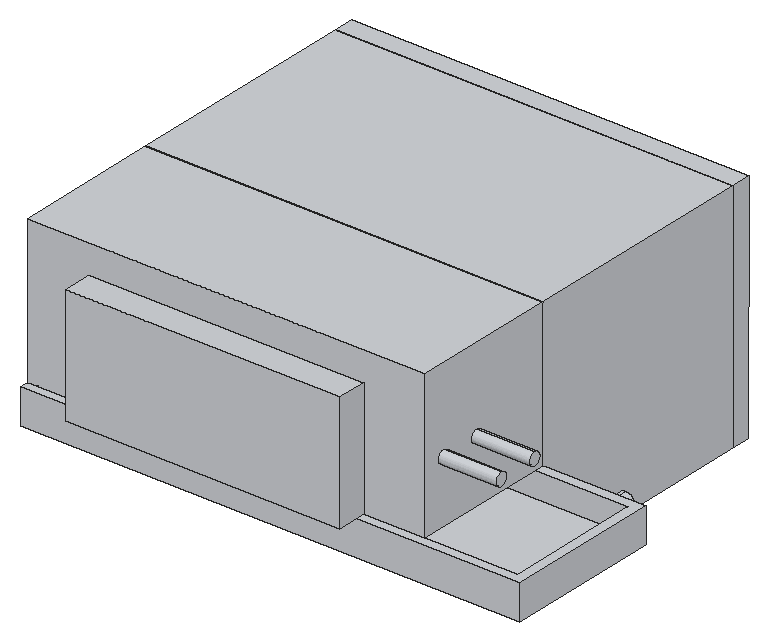
Revit family "ae48dff25f2c4b21891e32956955b255", category Mechanical Equipment, Revit 2021
Family settings
  Round Connector Dimension = Use Radius
  Part Type = Normal
  OmniClass Number = 23.75.70.17.27
  OmniClass Title = Fan Coil Units
  Seek Item ID = Fan Coil Unit with Plenum - Horizontal Basic Concealed-0000-USA-ENU
  Work Plane-Based = No
  Always vertical = Yes
  Cut with Voids When Loaded = No
  Shared = No
  Room Calculation Point = No
Parameters (values of type "200 CFM")
  Voltage = 115 V
  Unit Width = 1' - 8 1/4"
  SupplyDuctWidth = 1' - 2"
  ReturnDuctWidth = Unit Width - 0' 2"  # 1' - 6 1/4"
  Number of Poles = 1
  Model = "02"
  Manufacturer = ""
  Load Classification = Cooling
  Drain Radius = 7/16"
  Drain Flow [instance] = 0 GPM
  Drain Diameter = Drain Radius * 2  # 7/8"
  Default Elevation = 0' - 0"
  Condensate Pan Width = 2' - 1 1/2"
  Chilled Water Radius = 5/16"
  Chilled Water Pressure Drop [instance] = 1.90 psi
  Chilled Water Flow [instance] = 1 GPM
  Chilled Water Diameter = Chilled Water Radius * 2  # 5/8"
  C3 Offset 1 = 0' - 4 1/4"
  C2 Offset 1 = 0' - 4 1/4"
  Assembly Code = ""
  Apparent Load = 50 VA
  External Static Pressure [instance] = 0.05 in-wg
  Air Flow [instance] = 200 CFM
Types (7): name | Unit Width | SupplyDuctWidth | ReturnDuctWidth | Model | Condensate Pan Width | Chilled Water Pressure Drop | Chilled Water Flow | C3 Offset 1 | C2 Offset 1 | Apparent Load | Air Flow
  200 CFM | 1' - 8 1/4" | 1' - 2" | 1' - 6 1/4" | "02" | 2' - 1 1/2" | 1.90 psi | 1 GPM | 0' - 4 1/4" | 0' - 4 1/4" | 50 VA | 200 CFM
  300 CFM | 1' - 11 1/4" | 1' - 5" | 1' - 9 1/4" | "03" | 2' - 4 1/2" | 4.30 psi | 2 GPM | 0' - 4 1/4" | 0' - 4 1/4" | 85 VA | 300 CFM
  400 CFM | 2' - 3 1/4" | 1' - 9" | 2' - 1 1/4" | "04" | 2' - 8 1/2" | 7.50 psi | 3 GPM | 0' - 4 1/4" | 0' - 4 1/4" | 145 VA | 400 CFM
  600 CFM | 3' - 2 1/4" | 2' - 8" | 3' - 0 1/4" | "06" | 3' - 7 1/2" | 4.00 psi | 4 GPM | 0' - 4 7/8" | 0' - 3 5/8" | 220 VA | 600 CFM
  800 CFM | 3' - 10 1/4" | 3' - 4" | 3' - 8 1/4" | "08" | 4' - 3 1/2" | 6.60 psi | 5 GPM | 0' - 4 7/8" | 0' - 3 5/8" | 235 VA | 800 CFM
  1000 CFM | 4' - 8 1/4" | 4' - 2" | 4' - 6 1/4" | "10" | 5' - 1 1/2" | 4.00 psi | 6 GPM | 0' - 3 5/8" | 0' - 4 7/8" | 300 VA | 1000 CFM
  1200 CFM | 5' - 6 1/4" | 5' - 0" | 5' - 4 1/4" | "12" | 5' - 11 1/2" | 6.00 psi | 8 GPM | 0' - 3 5/8" | 0' - 4 7/8" | 425 VA | 1200 CFM
Reference planes (in)
  plane 1 "Center (Front/Back)": y = 0
  plane 2: z = 0
  plane 3 "Center (Left/Right)": x = 0
  plane 4 "Back of Unit": y = 10.5625
  plane 5 "Front of Unit": y = -10.5625
  plane 6 "Back of Coil Box": y = -1.5625
  plane 7 "Top of Unit": z = 12
  plane 8 "Centerline": z = 6
  plane 9 "Top of Intake": z = 11
  plane 10 "Bottom of Intake": z = 1
  plane 11 "Bottom of Condensate Pan": z = 2.75
  plane 12 "Bottom of Coil Box": z = 4.5
  plane 13 "Top of Supply": z = 10.5
  plane 14 "Front of Condensate Pan": y = -9.5625
  plane 15 "Front of Coil Box": y = -9.0625
  plane 16 "Back of Filter": y = 11.5625
  plane 17 "Back of Intake Connector": y = 12.5625
  plane 18 "Left Side of Unit": x = -10.125
  plane 19 "Right Side of Unit": x = 10.125
  plane 20 "Right Side of Condensate Pan": x = 15.375
  plane 21 "Condensate Void Bottom": z = 3.25
  plane 22: x = -7
  plane 23: x = 7
  plane 24 "Left Side of Intake": x = -9.5
  plane 25 "Right Side of Intake": x = 8.75
  plane 26 "Left Side of Supply": x = -7
  plane 27 "Right Side of Supply": x = 7
  plane 28: x = 13.125
  plane 29: x = -11.125
  plane 30: y = 8.5625
  plane 31: y = 4.5625
  plane 32: z = 6.5
  plane 33: y = -7.9375
  plane 34: y = -5.8125
  plane 35: z = 7.75
  plane 36: z = 7.75
Forms (in)
  Extrusion 1, solid
    sketch origin (0, 0, 2.75) x (0, -1, 0) y (1, 0, 0)
      loop
        line (9.5625, -10.125) -> (9.5625, 15.375) -> (1.5625, 15.375) -> (1.5625, -10.125) -> (9.5625, -10.125)
    from 0 to 1.75
  Extrusion 2, void
    sketch origin (0, 0, 2.75) x (0, -1, 0) y (1, 0, 0)
      loop
        line (9.0625, -9.625) -> (9.0625, 14.875) -> (2.0625, 14.875) -> (2.0625, -9.625) -> (9.0625, -9.625)
    from 0.5 to 1.75
  Extrusion 3, solid
    sketch origin (0, 0, 4.5) x (0, -1, 0) y (1, 0, 0)
      loop
        line (9.0625, -10.125) -> (9.0625, 10.125) -> (1.5625, 10.125) -> (1.5625, -10.125) -> (9.0625, -10.125)
    from 0 to 7.5
  Extrusion 4, solid
    sketch origin (0, 0, 4.5) x (0, -1, 0) y (1, 0, 0)
      loop
        line (1.5625, -10.125) -> (1.5625, 10.125) -> (-10.5625, 10.125) -> (-10.5625, -10.125) -> (1.5625, -10.125)
    from -4.5 to 7.5
  Extrusion 5, solid
    sketch origin (0, 0, 4.5) x (0, -1, 0) y (1, 0, 0)
      loop
        line (-10.5625, -10.125) -> (-10.5625, 10.125) -> (-11.5625, 10.125) -> (-11.5625, -10.125) -> (-10.5625, -10.125)
    from -4.5 to 7.5
  Extrusion 6, solid
    sketch origin (0, 0, 4.5) x (0, -1, 0) y (1, 0, 0)
      loop
        line (-11.5625, -9.5) -> (-11.5625, 8.75) -> (-12.5625, 8.75) -> (-12.5625, -9.5) -> (-11.5625, -9.5)
    from -3.5 to 6.5
  Extrusion 7, solid
    sketch origin (0, 0, 4.5) x (0, -1, 0) y (1, 0, 0)
      loop
        line (10.5625, -7) -> (10.5625, 7) -> (9.0625, 7) -> (9.0625, -7) -> (10.5625, -7)
    from 0 to 6
  Extrusion 8, solid
    sketch origin (-10.125, 10.5625, 12) x (0, 0, -1) y (0, -1, 0)
      loop
        line (1.5, 2) -> (5.5, 2) -> (5.5, 6) -> (1.5, 6) -> (1.5, 2)
    from 0 to 1
  Extrusion 9, solid
    sketch origin (10.125, -9.0625, 12) x (0, 0, -1) y (0, 1, 0)
      loop
        circle (4.25, 1.125) r 0.3125
    from 0 to 3
  Extrusion 10, solid
    sketch origin (10.125, -9.0625, 12) x (0, 0, -1) y (0, 1, 0)
      loop
        circle (4.25, 3.25) r 0.3125
    from 0 to 3
  Extrusion 11, solid
    sketch origin (15.375, -1.5625, 4.5) x (0, 0, -1) y (-1, 0, 0)
      loop
        circle (1.25, 2.25) r 0.4375
    from 0 to 1.5625
Cuts and joins
  Extrusion 2 cuts Extrusion 1
Dimensions and locks (in)
  equal spacing: plane 5 "Front of Unit", plane 1 "Center (Front/Back)", plane 4 "Back of Unit"
  locked: plane 5 "Front of Unit" to plane 4 "Back of Unit" at 21.125
  equal spacing: plane 7 "Top of Unit", plane 8 "Centerline", level
  plane 9 "Top of Intake" to plane 8 "Centerline" to plane 10 "Bottom of Intake" = 0' - 5", 0' - 5"
  locked: plane 9 "Top of Intake" to plane 10 "Bottom of Intake" at 10
  locked: plane 7 "Top of Unit" to plane 11 "Bottom of Condensate Pan" at 9.25
  plane 12 "Bottom of Coil Box" to plane 11 "Bottom of Condensate Pan" = 0' - 1 3/4"
  plane 13 "Top of Supply" to plane 12 "Bottom of Coil Box" = 0' - 6"
  plane 6 "Back of Coil Box" to plane 5 "Front of Unit" = 0' - 9"
  plane 5 "Front of Unit" to plane 14 "Front of Condensate Pan" = 0' - 1"
  plane 14 "Front of Condensate Pan" to plane 15 "Front of Coil Box" = 0' - 0 1/2"
  plane 4 "Back of Unit" to plane 16 "Back of Filter" = 0' - 1"
  plane 16 "Back of Filter" to plane 17 "Back of Intake Connector" = 0' - 1"
  equal spacing: plane 18 "Left Side of Unit", plane 3 "Center (Left/Right)", plane 19 "Right Side of Unit"
  "Unit Width": plane 18 "Left Side of Unit" to plane 19 "Right Side of Unit"
  "Condensate Pan Width": plane 18 "Left Side of Unit" to plane 20 "Right Side of Condensate Pan"
  plane 18 "Left Side of Unit" to Extrusion 2 sketch curve = 0' - 0 1/2"
  plane 6 "Back of Coil Box" to Extrusion 2 sketch curve = 0' - 0 1/2"
  Extrusion 2 sketch curve to plane 20 "Right Side of Condensate Pan" = 0' - 0 1/2"
  plane 14 "Front of Condensate Pan" to Extrusion 2 sketch curve = 0' - 0 1/2"
  plane 21 "Condensate Void Bottom" to plane 11 "Bottom of Condensate Pan" = 0' - 0 1/2"
  equal spacing: plane 22, plane 3 "Center (Left/Right)", plane 23
  "SupplyDuctWidth": plane 22 to plane 23
  plane 18 "Left Side of Unit" to plane 24 "Left Side of Intake" = 0' - 0 5/8"
  plane 25 "Right Side of Intake" to plane 19 "Right Side of Unit" = 0' - 1 3/8"
  locked: plane 7 "Top of Unit" to plane 9 "Top of Intake" at 1
  equal spacing: plane 26 "Left Side of Supply", plane 3 "Center (Left/Right)", plane 27 "Right Side of Supply"
  "SupplyDuctWidth": plane 26 "Left Side of Supply" to plane 27 "Right Side of Supply"
  plane 10 "Bottom of Intake" to plane 9 "Top of Intake" = 0' - 10"
  "ReturnDuctWidth": plane 24 "Left Side of Intake" to plane 25 "Right Side of Intake"
  locked: plane 19 "Right Side of Unit" to plane 28 at 3
  locked: plane 29 to plane 18 "Left Side of Unit" at 1
  plane 4 "Back of Unit" to plane 30 to plane 31 = 0' - 2" locked, 0' - 4" locked
  locked: plane 32 to plane 13 "Top of Supply" at 4
  locked: plane 5 "Front of Unit" to plane 33 at 2.625
  locked: plane 5 "Front of Unit" to plane 34 at 4.75
  "C3 Offset 1": plane 35 to plane 7 "Top of Unit"
  "C2 Offset 1": plane 36 to plane 7 "Top of Unit"
  "Chilled Water Radius": radius of Extrusion 9 sketch curve
  "Chilled Water Radius": radius of Extrusion 10 sketch curve
  "Drain Radius": radius of Extrusion 11 sketch curve
  aligned and locked: plane 18 "Left Side of Unit" to Extrusion 1 sketch curve
  aligned and locked: Extrusion 1 sketch curve to plane 14 "Front of Condensate Pan"
  aligned and locked: plane 6 "Back of Coil Box" to Extrusion 1 sketch curve
  aligned and locked: plane 20 "Right Side of Condensate Pan" to Extrusion 1 sketch curve
  aligned and locked: Extrusion 1 to plane 12 "Bottom of Coil Box"
  aligned and locked: Extrusion 2 to plane 12 "Bottom of Coil Box"
  aligned and locked: plane 18 "Left Side of Unit" to Extrusion 3 sketch curve
  aligned and locked: Extrusion 3 sketch curve to plane 15 "Front of Coil Box"
  aligned and locked: plane 6 "Back of Coil Box" to Extrusion 3 sketch curve
  aligned and locked: plane 19 "Right Side of Unit" to Extrusion 3 sketch curve
  aligned and locked: Extrusion 4 sketch curve to cut or joined group of Extrusion 1, Extrusion 2  (x2)
  aligned and locked: plane 4 "Back of Unit" to Extrusion 4 sketch curve
  aligned and locked: plane 19 "Right Side of Unit" to Extrusion 4 sketch curve
  aligned and locked: Extrusion 5 sketch curve to Extrusion 4  (x2)
  aligned and locked: plane 16 "Back of Filter" to Extrusion 5 sketch curve
  aligned and locked: plane 19 "Right Side of Unit" to Extrusion 5 sketch curve
  aligned and locked: Extrusion 5 to Extrusion 6 sketch curve
  aligned and locked: plane 17 "Back of Intake Connector" to Extrusion 6 sketch curve
  aligned and locked: Extrusion 6 to plane 9 "Top of Intake"
  aligned and locked: plane 24 "Left Side of Intake" to Extrusion 6 sketch curve
  aligned and locked: Extrusion 6 sketch curve to plane 25 "Right Side of Intake"
  aligned and locked: Extrusion 7 sketch curve to plane 5 "Front of Unit"
  aligned and locked: Extrusion 7 to plane 13 "Top of Supply"
  aligned and locked: plane 22 to Extrusion 7 sketch curve
  aligned and locked: Extrusion 7 sketch curve to plane 23
  aligned and locked: plane 30 to Extrusion 8 sketch curve
  aligned and locked: plane 13 "Top of Supply" to Extrusion 8 sketch curve
  aligned and locked: plane 32 to Extrusion 8 sketch curve
  aligned and locked: Extrusion 8 sketch curve to plane 31
  aligned and locked: Extrusion 8 to plane 18 "Left Side of Unit"
  aligned and locked: plane 29 to Extrusion 8
  aligned and locked: plane 36 to Extrusion 9 sketch curve
  aligned and locked: plane 33 to Extrusion 9 sketch curve
  aligned and locked: plane 35 to Extrusion 10 sketch curve
  aligned and locked: plane 34 to Extrusion 10 sketch curve
  aligned and locked: plane 28 to Extrusion 11 sketch curve
  aligned and locked: plane 21 "Condensate Void Bottom" to Extrusion 11 sketch curve
  aligned and locked: Extrusion 11 to plane 6 "Back of Coil Box"
  aligned and locked: Extrusion 11 to plane 1 "Center (Front/Back)"
  aligned and locked: plane 19 "Right Side of Unit" to Extrusion 10
  aligned and locked: plane 19 "Right Side of Unit" to Extrusion 9
  aligned and locked: Extrusion 9 to plane 28
  aligned and locked: Extrusion 10 to plane 28
Automatic sketch dimensions
  Extrusion 6 sketch curve to plane 17 "Back of Intake Connector" = 0' - 0"
  Extrusion 7 sketch curve to plane 15 "Front of Coil Box" = 0' - 0"
Connectors (in)
  hvac at (0, -10.5625, 7.5), driven by "SupplyDuctWidth", driven by "SupplyDuctWidth", driven by "Air Flow"
    settings: on Extrusion 7, index 0, duct flow 200 CFM, flow factor 0, pres drop 0.00 in-wg, loss coef 0, conn angle 0.00°, conn width 14", conn height 6", conn diameter 24", duct sys type 1, conn prof type 1, flow config 0, flow direction 2, loss method 0, conn ref index 1, conn util no, is conn primary yes, conn desc ""
  hvac at (-0.375, 12.5625, 6), driven by "ReturnDuctWidth", driven by "Air Flow"
    settings: on Extrusion 6, index 1, duct flow 200 CFM, flow factor 0, pres drop 0.00 in-wg, loss coef 0, conn angle 0.00°, conn width 18 1/4", conn height 10", conn diameter 24", duct sys type 2, conn prof type 1, flow config 0, flow direction 1, loss method 0, conn ref index 0, conn util no, is conn primary no, conn desc ""
  piping at (13.125, -5.8125, 7.75), diameter 0.625, driven by "Chilled Water Pressure Drop", driven by "Chilled Water Flow", driven by "Chilled Water Radius"
    settings: on Extrusion 10, index 2, connector inside diameter 5/8", connector length 0' - 0", flow factor 0, pipe flow 1 GPM, pressure drop 1.90 psi, fitting loss kfactor 0, connector angle 0.00°, fixture units 0, engagement length 0' - 0", angle of deflection 0.00°, flow configuration 1, flow direction 2, fitting loss method 4, system type 8, joint type 0, gender type 0, connector reference index 3, connector utility 0, adjustable connector no, is connector primary yes, connector description ""
  piping at (13.125, -7.9375, 7.75), diameter 0.625, driven by "Chilled Water Flow", driven by "Chilled Water Radius"
    settings: on Extrusion 9, index 3, connector inside diameter 5/8", connector length 0' - 0", flow factor 0, pipe flow 1 GPM, pressure drop 0.00 psi, fitting loss kfactor 0, connector angle 0.00°, fixture units 0, engagement length 0' - 0", angle of deflection 0.00°, flow configuration 1, flow direction 1, fitting loss method 4, system type 7, joint type 0, gender type 0, connector reference index 2, connector utility 0, adjustable connector no, is connector primary no, connector description ""
  piping at (13.125, 0, 3.25), diameter 0.875, driven by "Drain Flow", driven by "Drain Radius"
    settings: on Extrusion 11, index 4, connector inside diameter 7/8", connector length 0' - 0", flow factor 0, pipe flow 0 GPM, pressure drop 0.00 psi, fitting loss kfactor 0, connector angle 0.00°, fixture units 0, engagement length 0' - 0", angle of deflection 0.00°, flow configuration 1, flow direction 2, fitting loss method 0, system type 16, joint type 0, gender type 0, connector reference index -1, connector utility 0, adjustable connector yes, is connector primary no, connector description ""
  electrical at (-11.125, 6.5625, 8.5), driven by "Apparent Load", driven by "Voltage", driven by "Number of Poles", driven by "Load Classification"
    settings: on Extrusion 8, index 5, voltage 115 V, apparent load 50 VA, apparent load phase1 0 VA, apparent load phase2 0 VA, apparent load phase3 0 VA, power factor 0.8, load classification "Cooling", number of poles 1, system type 30, power factor state 1, is connector primary yes, connector utility no, sub classification motor no, connector description ""
